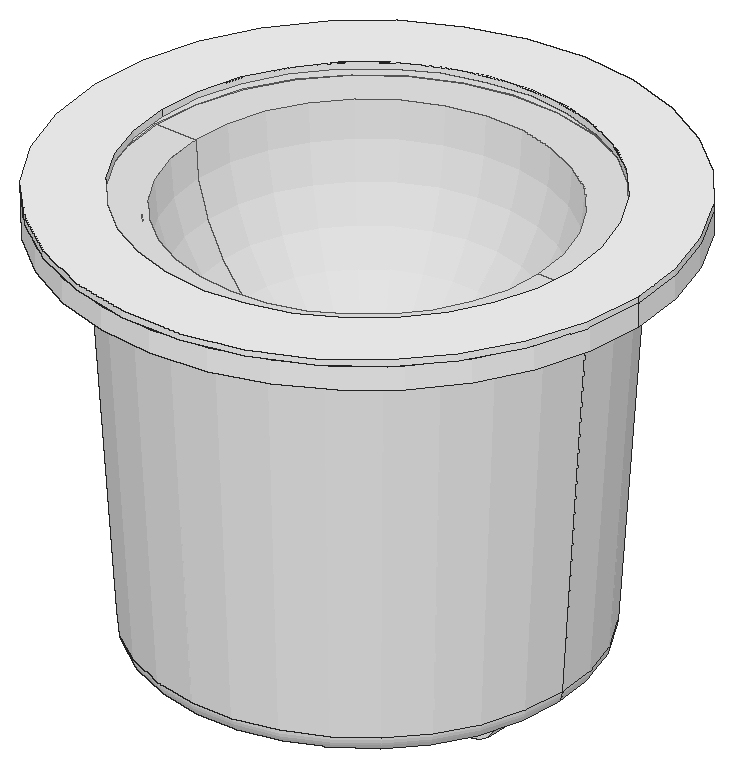
Revit family "2058891 Feilo Sylvania Lighting Fixture MYRD IP ST 4K DALIEM BLK WBEZ", category Lighting Fixtures, host Face, Revit 2017
Family settings
  Host = Face
  Round Connector Dimension = Use Diameter
  Part Type = Normal
  OmniClass Number = 23.80.70.11.17
  OmniClass Title = Specialized Lighting by Location or Use
  Cut with Voids When Loaded = No
  Light Source = Yes
  Shared = No
  Room Calculation Point = No
Parameters
  Weight = "1.44 kg"
  Wattage = 12 W
  WarrantyStartDate [instance] = "n/a"
  WarrantyGuarantorParts = "n/a"
  WarrantyDurationUnit = "n/a"
  WarrantyDurationParts = "n/a"
  WarrantyDescription = "n/a"
  built-in parameter 1150110 = 1 (stored number, unit not read)
  Voltage = 230 V
  URL = "http://www.sylvania-lighting.com"
  TypeName = "MYRD IP ST 4K DALIEM BLK WBEZ"
  Type Image = 0
  Type Comments = ""
  built-in parameter 1114217 = 1 (stored number, unit not read)
  Tilt Angle = -90°
  built-in parameter 1150109 = 1 (stored number, unit not read)
  built-in parameter 1150134 = 12
  built-in parameter 1150113 = 1 (stored number, unit not read)
  SerialNumber [instance] = "n/a"
  Reflector Radius = Cutout Diameter / 2 - 2.5 mm  # 35.0 mm
  Reflector Material = Aluminum_Sylvania_Myriad_Bright
  Recessed Depth = Height  # 72.0 mm
  PowerFactor = 0
  PowerConsumption = "12 W"
  Photometric Web File = ""
  NominalWidth = 0.0 mm
  NominalLength = 76.0 mm
  NominalHeight = 72.0 mm
  Name = "MYRD IP ST 4K DALIEM BLK WBEZ"
  ModelReference = "MYRD IP ST 4K DALIEM BLK WBEZ"
  ModelNumber = "2058891"
  Material = "Aluminium"
  ManufacturerName = "Feilo Sylvania"
  LuminousEfficacy = "113 lm/W"
  LuminaireType = "Ceiling recessed"
  LightOutputRatio = "1"
  LampsType = Lamp  # "LED"
  LampNominalLuminous = "1132 lm"
  LampMacAdamStep = "n/a"
  LampColourTemperature = "4000 K"
  LampColourRenderingIndex = "n/a"
  Keynote = "16500"
  Keynote_2 = "16500"
  InstallationDate [instance] = "n/a"
  InputVoltage = "230-240V~"
  InputNominalFrequency = "50/60 Hz"
  IngressProtection = "IP65"
  ImpactProtectionIndex = "IK02"
  IfcExportType = "IfcLightFixtureType"
  IfcExportAs = "IfcLightFixtureType"
  Height = 72.0 mm  # constant formula
  ExpectedLife = 50000
  Emit from Circle Diameter = Accessory Inner Diameter 2  # 68.0 mm
  Emit Shape Visible in Rendering = no
  ElectricShockClassification = "Class II"
  DurationUnit = "hours"
  DocumentationLiterature = "http://www.sylvania-lighting.com/product/en-int/products/2058891"
  DimmingControlOptions = "Dimmable"
  Diffuser Material = Glass_Sylvania_Myriad_Clear_4000K
  Diffuser Diameter = Cutout Diameter  # 75.0 mm
  Cutout Diameter = 75.0 mm  # constant formula
  CreatedOn = "03-11-2017"
  CreatedBy = ""
  Cost = 0
  built-in parameter 1114216 [instance] = 1 (stored number, unit not read)
  built-in parameter 1150142 = (empty or 0)
  Model = "MYRD IP ST 4K DALIEM BLK WBEZ"
  Manufacturer = "Feilo Sylvania"  # constant formula
  built-in parameter 1150105 = 107.91 (stored number, unit not read)
  Lumens = 1356 lm
  built-in parameter 1150115 = 1 (stored number, unit not read)
  built-in parameter 1150137 = (empty or 0)
  built-in parameter 1150139 = (empty or 0)
  built-in parameter 1150112 = 1 (stored number, unit not read)
  built-in parameter 1150114 = 1 (stored number, unit not read)
  Lamp = "LED"
  built-in parameter 1150132 = (empty or 0)
  built-in parameter 1150102 = (empty or 0)
  built-in parameter 1150107 = 4000 (stored number, unit not read)
  built-in parameter 1150138 = (empty or 0)
  built-in parameter 1150106 = 1.0791 (stored number, unit not read)
  built-in parameter 1150104 = 10.498 (stored number, unit not read)
  Dimming Lamp Color Temperature Shift = (empty or 0)
  Description = "Supplied complete with electronic control gear Compact Fluorescent low energy downlight Emergency version passes through the cut out Ideal for low level orientation lighting New range of Architectural accessories each providing a different lit dimension New completely flush plaster up accessory ring for clean ceiling lines and smooth finish Order lamp separately"  # constant formula
  Default Elevation = 0.0 mm
  Color Filter = 16777215
  built-in parameter 1140040 [instance] = 1
  Body Radius = Reflector Radius + 1.5 mm  # 36.5 mm
  Body Material = Aluminum_Sylvania_Myriad_Gray
  BarCode [instance] = "n/a"
  built-in parameter 1114218 = 1 (stored number, unit not read)
  built-in parameter 1150133 = 10 (stored number, unit not read)
  AssetType = "Fixed"
  AssetIdentifier [instance] = "n/a"
  Assembly Code = "D5020200"
  Apparent Load = 12 VA
  Accessory Material = Aluminum_Sylvania_Myriad_White
  Accessory Inner Diameter 2 = Accessory Diameter - 22.0 mm  # 68.0 mm
  Accessory Inner Diameter 1 = Accessory Diameter - 2.0 mm  # 88.0 mm
  Accessory Diameter = Cutout Diameter + 15.0 mm  # 90.0 mm
Reference planes
  plane 1 "Center (Front/Back)": y = 0
  plane 2: z = 0
  plane 3 "Center (Left/Right)": x = 0
  plane 4: z = 2
  plane 5 "Fixture Bottom": z = 4.5
  plane 6: z = -28.5
  plane 7: z = -61.5
  plane 8 "Fixture Top": z = -67.5
  plane 9: z = 3.5
Forms (mm)
  Revolve 1, solid, material "Aluminum_Sylvania_Myriad_Bright" <- "Reflector Material", detail levels fine
    sketch origin (0, 0, 0) x (1, 0, 0) y (0, 0, 1)
      loop
        line (0, -27.515) -> (-6, -27.515)
        arc (-6, -27.515) -> (-22.333, -16.632) -> (-28.5, 2) r 30.135
        line (-28.5, 2) -> (-35, 2) -> (-35, 0) -> (-29.184, 0)
        arc (-29.184, 0) -> (-22.423, -18.18) -> (-6, -28.5) r 30.204
        line (-6, -28.5) -> (0, -28.5) -> (0, -27.515)
      axis (0, -28.5) -> (0, 2)
    angle from 0 to 360
  Revolve 2, solid, material "Aluminum_Sylvania_Myriad_Gray" <- "Body Material", detail levels fine
    sketch origin (0, 0, 0) x (1, 0, 0) y (0, 0, 1)
      loop
        line (-44, 2) -> (-44, 0) -> (-36.5, 0) -> (-32.42, -58.708)
        arc (-32.42, -58.708) -> (-31.474, -60.694) -> (-29.428, -61.5) r 3
        line (-29.428, -61.5) -> (0, -61.5) -> (0, -28.5) -> (-6, -28.5)
        arc (-6, -28.5) -> (-22.423, -18.18) -> (-29.184, 0) r 30.204
        line (-29.184, 0) -> (-35, 0) -> (-35, 2) -> (-44, 2)
      axis (0, 2) -> (0, -61.5)
    angle from 0 to 360
  Extrusion 3, solid, material "Aluminum_Sylvania_Myriad_Gray" <- "Body Material", detail levels fine
    sketch origin (0, 0, 0) x (1, 0, 0) y (0, 0, 1)
      loop
        line (-13.5, -67.5) -> (21, -67.5)
        arc (21, -67.5) -> (23.828, -66.328) -> (25, -63.5) r 4
        line (25, -63.5) -> (25, -61.5) -> (-17.5, -61.5) -> (-17.5, -63.5)
        arc (-17.5, -63.5) -> (-16.328, -66.328) -> (-13.5, -67.5) r 4
    from -4.5 to 4.5
  Extrusion 4, solid, material "Aluminum_Sylvania_Myriad_White" <- "Accessory Material", detail levels fine
    sketch origin (0, 0, 0) x (1, 0, 0) y (0, 1, 0)
      loop
        circle (0, 0) r 45
      loop
        circle (0, 0) r 44
    from 0 to 3.5
  Extrusion 5, solid, material "Aluminum_Sylvania_Myriad_White" <- "Accessory Material", detail levels fine
    sketch origin (0, 0, 0) x (1, 0, 0) y (0, 1, 0)
      loop
        circle (0, 0) r 45
      loop
        circle (0, 0) r 34
    from 3.5 to 4.5
  Extrusion 6, solid, material "Aluminum_Sylvania_Myriad_White" <- "Accessory Material", detail levels coarse+medium
    sketch origin (0, 0, 0) x (1, 0, 0) y (0, 1, 0)
      loop
        circle (0, 0) r 45
    from 0 to 4.5
  Revolve 7, solid, detail levels coarse+medium
    sketch origin (0, 0, 0) x (1, 0, 0) y (0, 0, 1)
      loop
        line (36.5, 0) -> (0, 0) -> (0, -61.5) -> (32.226, -61.5) -> (36.5, 0)
      axis (0, 0) -> (0, -61.5)
    angle from 0 to 360
  Extrusion 8, void
    sketch origin (0, 0, 0) x (1, 0, 0) y (0, 1, 0)
      loop
        circle (0, 0) r 37.5
    from -67.5 to 0
  Extrusion 9, solid, material "Glass_Sylvania_Myriad_Clear_4000K" <- "Diffuser Material", detail levels fine
    sketch origin (0, 0, 0) x (1, 0, 0) y (0, 1, 0)
      loop
        circle (0, 0) r 37.5
    from 2 to 3.5
Cuts and joins
  joined: Extrusion 4, Extrusion 5
Lines and regions (mm)
  Masking region 1
    outline origin (0, 0, 0) x (1, 0, 0) y (0, 1, 0)
      loop
        circle (0, 0) r 45
  symbolic lines
    curve 1: arc (-34, 0, 0) -> (0, 34, 0) -> (34, 0, 0) r 34
    curve 2: arc (34, 0, 0) -> (0, -34, 0) -> (-34, 0, 0) r 34
Dimensions and locks
  locked: plane 7 to plane 8 "Fixture Top" at 6
  "Body Radius": Revolve 7 sketch curve to plane 3 "Center (Left/Right)"
  locked: Revolve 7 sketch curve to Revolve 7 sketch curve at 4.274
  plane 5 "Fixture Bottom" to plane 9 to plane 4 to plane 2 to plane 6 = 1.0 mm locked, 1.5 mm locked, 2.0 mm locked, 28.5 mm locked
  "Reflector Radius": Revolve 1 sketch curve to plane 3 "Center (Left/Right)"
  Revolve 1 sketch curve to Revolve 1 sketch curve to Revolve 1 sketch curve to Revolve 1 sketch curve = 6.5 mm locked, 22.5 mm locked, 0.0 mm locked
  "Reflector Radius": plane 3 "Center (Left/Right)" to Revolve 2 sketch curve
  Revolve 2 sketch curve to Revolve 2 sketch curve to Revolve 2 sketch curve = 7.5 mm locked, 1.5 mm locked
  Revolve 2 sketch curve to Revolve 2 sketch curve to Revolve 2 sketch curve = 5.816 mm locked, 23.184 mm locked
  Revolve 2 sketch curve to Revolve 2 sketch curve to Revolve 2 sketch curve = 2.58 mm locked, 2.993 mm locked
  "Accessory Diameter": diameter of Extrusion 4 sketch curve
  "Accessory Inner Diameter 1": diameter of Extrusion 4 sketch curve
  "Accessory Diameter": diameter of Extrusion 5 sketch curve
  "Accessory Diameter": diameter of Extrusion 6 sketch curve
  "Cutout Diameter": diameter of Extrusion 8 sketch curve
  "Accessory Inner Diameter 2": diameter of Extrusion 5 sketch curve
  "Diffuser Diameter": diameter of Extrusion 9 sketch curve
  aligned and locked: plane 2 to host face
  aligned and locked: level to host face
  aligned and locked: plane 1 "Center (Front/Back)" to imposter light
  aligned and locked: plane 3 "Center (Left/Right)" to imposter light
  aligned and locked: Revolve 1 sketch curve to imposter light
  aligned and locked: Extrusion 3 sketch curve to plane 8 "Fixture Top"
  aligned and locked: plane 7 to Extrusion 3 sketch curve
  aligned and locked: Extrusion 4 to plane 2
  aligned and locked: plane 9 to Extrusion 4
  aligned and locked: Extrusion 5 to plane 9
  aligned and locked: plane 5 "Fixture Bottom" to Extrusion 5
  aligned and locked: Extrusion 6 to plane 2
  aligned and locked: plane 5 "Fixture Bottom" to Extrusion 6
  aligned and locked: Extrusion 8 to plane 8 "Fixture Top"
  aligned and locked: plane 2 to Extrusion 8
  aligned and locked: Masking region 1 sketch curve to Extrusion 6  (x2)
  aligned and locked: Extrusion 9 to plane 4
  aligned and locked: plane 9 to Extrusion 9
  aligned and locked: plane 4 to Revolve 2 sketch curve
  aligned and locked: Revolve 2 sketch curve to plane 2
  aligned and locked: curve 1 to cut or joined group of Extrusion 4, Extrusion 5
  aligned and locked: curve 2 to cut or joined group of Extrusion 4, Extrusion 5
  aligned and locked: imposter light to plane 5 "Fixture Bottom"
Automatic sketch dimensions
  host sketch curve to host sketch curve = 1305.563 mm
  host sketch curve to host sketch curve = 1283.632 mm
  Extrusion 3 sketch curve to plane 7 = 2.0 mm
  Extrusion 3 sketch curve to plane 3 "Center (Left/Right)" = 13.5 mm
  plane 3 "Center (Left/Right)" to Extrusion 3 sketch curve = 21.0 mm
  Extrusion 3 sketch curve to Extrusion 3 sketch curve = 4.0 mm
  Revolve 1 sketch curve to level = 0.0 mm
  Revolve 1 sketch curve to plane 3 "Center (Left/Right)" = 0.0 mm
  Revolve 1 sketch curve to plane 6 = 0.0 mm
  Revolve 1 sketch curve to plane 4 = 0.0 mm
  Revolve 1 sketch curve to Revolve 1 sketch curve = 0.684 mm
  level to Revolve 1 sketch curve = 0.88 mm
  Revolve 1 sketch curve to plane 4 = 0.363 mm
  Revolve 1 sketch curve to Revolve 1 sketch curve = 0.625 mm
  Revolve 1 sketch curve to plane 8 "Fixture Top" = 232.8 mm
  plane 5 "Fixture Bottom" to Revolve 1 sketch curve = 291.243 mm
  Revolve 2 sketch curve to plane 3 "Center (Left/Right)" = 0.0 mm  (x2)
  Revolve 2 sketch curve to plane 7 = 0.0 mm
  Revolve 2 sketch curve to plane 6 = 0.0 mm
  Revolve 2 sketch curve to level = 0.0 mm
  level to Revolve 2 sketch curve = 0.88 mm
  plane 7 to Revolve 2 sketch curve = 2.792 mm
  Revolve 2 sketch curve to plane 8 "Fixture Top" = 304.774 mm
  plane 5 "Fixture Bottom" to Revolve 2 sketch curve = 1137.105 mm
  Extrusion 4 sketch curve to Extrusion 4 sketch curve = 0.0 mm  (x2)
  plane 1 "Center (Front/Back)" to Extrusion 4 sketch curve = 0.0 mm
  Extrusion 4 sketch curve to plane 3 "Center (Left/Right)" = 0.0 mm
  Extrusion 5 sketch curve to Extrusion 5 sketch curve = 0.0 mm  (x2)
  plane 1 "Center (Front/Back)" to Extrusion 5 sketch curve = 0.0 mm
  Extrusion 5 sketch curve to plane 3 "Center (Left/Right)" = 0.0 mm
  plane 1 "Center (Front/Back)" to Extrusion 6 sketch curve = 0.0 mm
  Extrusion 6 sketch curve to plane 3 "Center (Left/Right)" = 0.0 mm
  Revolve 7 sketch curve to level = 0.0 mm
  Revolve 7 sketch curve to plane 3 "Center (Left/Right)" = 0.0 mm  (x2)
  Revolve 7 sketch curve to plane 7 = 0.0 mm
  Revolve 7 sketch curve to plane 8 "Fixture Top" = 304.774 mm
  plane 5 "Fixture Bottom" to Revolve 7 sketch curve = 43.226 mm
  plane 1 "Center (Front/Back)" to Extrusion 8 sketch curve = 0.0 mm
  Extrusion 8 sketch curve to plane 3 "Center (Left/Right)" = 0.0 mm
  plane 1 "Center (Front/Back)" to Extrusion 9 sketch curve = 0.0 mm
  Extrusion 9 sketch curve to plane 3 "Center (Left/Right)" = 0.0 mm
Connectors
  electrical at (-0.006, -0.019, -67.5), driven by "Apparent Load", driven by "Apparent Load"
    settings: on plane 8 "Fixture Top", index 1, voltage 230 V, apparent load 12 VA, apparent load phase1 12 VA, apparent load phase2 0 VA, apparent load phase3 0 VA, power factor 1, load classification "Lighting", number of poles 1, system type 30, power factor state 1, is connector primary yes, connector utility no, sub classification motor no, connector description ""
